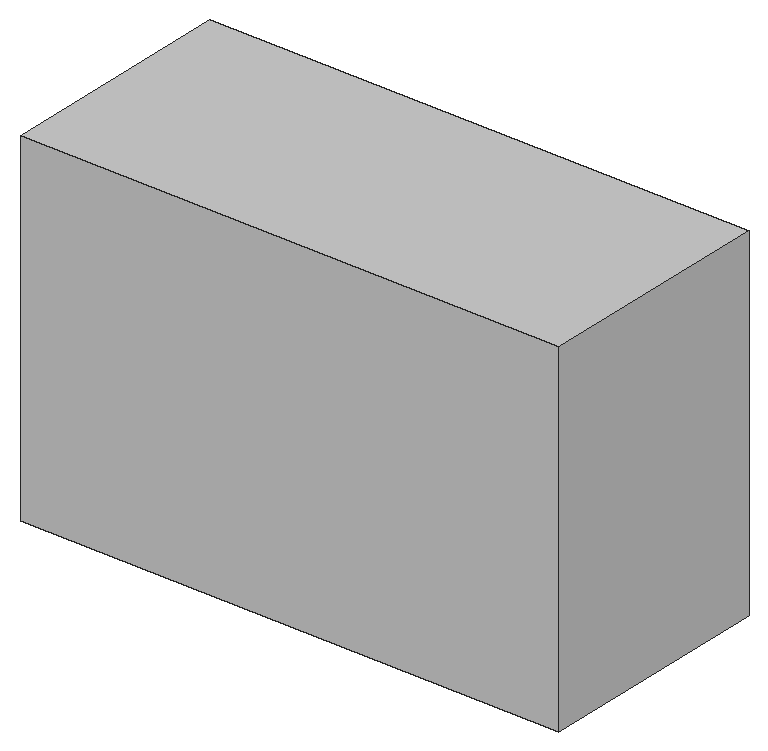
Revit family "Family Meada", category Structural Framing, Revit 2022
Family settings
  Display in Hidden Views = Edges Hidden by Other Members
  Section Shape = Not Defined
  Material for Model Behavior = Concrete
  Always export as geometry = No
  OmniClass Number = 23.25.30.11.14.14
  OmniClass Title = Beams
  Always vertical = Yes
  Cut with Voids When Loaded = No
  Symbolic Representation = From Family
  Shared = No
  Show family pre-cut in plan views = Yes
Parameters (values of type "FG15V")
  下端ふかし [instance] = 50 mm
  上端ふかし [instance] = 50 mm
  Length [instance] = 1500 mm
  Structural Material = コンクリート-CONCR Fc36
  梁成合計 [instance] = 1000 mm
  梁成 = 1500 mm
  梁幅合計 [instance] = 梁幅 + 左ふかし + 右ふかし  # 1100 mm
  梁幅 = 1000 mm
  左ふかし [instance] = 50 mm
  右ふかし [instance] = 50 mm
  会社名 = "前田建設工業(株)"  # constant formula
  中央 梁幅 = 梁幅  # 1000 mm
  中央 梁せい = 梁成  # 1500 mm
  バージョン = "2021.01.05"  # constant formula
  コンクリート強度 [instance] = ""
  Type Comments = ""
Types (168, lengths in mm): name | 下端ふかし | 上端ふかし | Structural Material | 梁成 | 梁幅合計 | 梁幅 | 左ふかし | 右ふかし | 中央 梁幅 | 中央 梁せい
  FG15V | 50 | 50 | コンクリート-CONCR Fc36 | 1500 | 1100 | 1000 | 50 | 50 | 1000 | 1500
  FG16 | 0 | 0 | コンクリート-CONCR Fc36 | 1500 | 800 | 800 | 0 | 0 | 800 | 1500
  FG12A | 0 | 0 | コンクリート-CONCR Fc36 | 1100 | 1500 | 1500 | 0 | 0 | 1500 | 1100
  FG14 | 0 | 0 | コンクリート-CONCR Fc36 | 1300 | 1600 | 1600 | 0 | 0 | 1600 | 1300
  FG12V | 0 | 0 | コンクリート-CONCR Fc36 | 1500 | 1400 | 1400 | 0 | 0 | 1400 | 1500
  FG11V | 0 | 0 | コンクリート-CONCR Fc36 | 1500 | 1050 | 1050 | 0 | 0 | 1050 | 1500
  FG11 | 0 | 0 | コンクリート-CONCR Fc27 | 1600 | 400 | 400 | 0 | 0 | 400 | 1600
  FG12 | 0 | 0 | コンクリート-CONCR Fc27 | 1600 | 700 | 700 | 0 | 0 | 700 | 1600
  FG13 | 0 | 0 | コンクリート-CONCR Fc27 | 1600 | 700 | 700 | 0 | 0 | 700 | 1600
  FG17 | 0 | 0 | コンクリート-CONCR Fc36 | 1500 | 900 | 900 | 0 | 0 | 900 | 1500
  FG16A | 0 | 0 | コンクリート-CONCR Fc36 | 1500 | 800 | 800 | 0 | 0 | 800 | 1500
  FG15 | 0 | 0 | コンクリート-CONCR Fc36 | 1500 | 700 | 700 | 0 | 0 | 700 | 1500
  FG16V | 0 | 0 | コンクリート-CONCR Fc36 | 1500 | 1100 | 1100 | 0 | 0 | 1100 | 1500
  FG18 | 0 | 0 | コンクリート-CONCR Fc36 | 1300 | 900 | 900 | 0 | 0 | 900 | 1300
  FG1C | 0 | 0 | コンクリート-CONCR Fc36 | 1100 | 800 | 800 | 0 | 0 | 800 | 1100
  FG1D | 0 | 0 | コンクリート-CONCR Fc36 | 1100 | 900 | 900 | 0 | 0 | 900 | 1100
  FG1V | 0 | 0 | コンクリート-CONCR Fc36 | 1500 | 900 | 900 | 0 | 0 | 900 | 1500
  FG1B | 0 | 0 | コンクリート-CONCR Fc36 | 1100 | 800 | 800 | 0 | 0 | 800 | 1100
  FG1 | 0 | 0 | コンクリート-CONCR Fc36 | 1100 | 700 | 700 | 0 | 0 | 700 | 1100
  FG1A | 0 | 0 | コンクリート-CONCR Fc36 | 1100 | 800 | 800 | 0 | 0 | 800 | 1100
  FG2B | 0 | 0 | コンクリート-CONCR Fc36 | 1100 | 800 | 800 | 0 | 0 | 800 | 1100
  FG2 | 0 | 0 | コンクリート-CONCR Fc36 | 1100 | 900 | 900 | 0 | 0 | 900 | 1100
  FG2A | 0 | 0 | コンクリート-CONCR Fc36 | 1100 | 800 | 800 | 0 | 0 | 800 | 1100
  FG3C | 0 | 0 | コンクリート-CONCR Fc36 | 1100 | 800 | 800 | 0 | 0 | 800 | 1100
  FG3 | 0 | 0 | コンクリート-CONCR Fc36 | 1100 | 700 | 700 | 0 | 0 | 700 | 1100
  FG3A | 0 | 0 | コンクリート-CONCR Fc36 | 1100 | 800 | 800 | 0 | 0 | 800 | 1100
  1FG3A | 0 | 0 | コンクリート-CONCR Fc24 | 600 | 500 | 500 | 0 | 0 | 500 | 600
  G8 | 0 | 0 | コンクリート-CONCR Fc27 | 800 | 600 | 600 | 0 | 0 | 600 | 800
  FB1_K | 0 | 0 | コンクリート-CONCR Fc24 | 1250 | 965 | 965 | 0 | 0 | 965 | 1250
  FG3_K | 0 | 0 | コンクリート-CONCR Fc24 | 1600 | 800 | 800 | 0 | 0 | 800 | 1600
  FG13_K | 0 | 0 | コンクリート-CONCR Fc24 | 1600 | 700 | 700 | 0 | 0 | 700 | 1600
  FG12_K | 0 | 0 | コンクリート-CONCR Fc24 | 1600 | 800 | 800 | 0 | 0 | 800 | 1600
  FG11_K | 0 | 0 | コンクリート-CONCR Fc24 | 1600 | 700 | 700 | 0 | 0 | 700 | 1600
  FG2_K | 0 | 0 | コンクリート-CONCR Fc24 | 1600 | 800 | 800 | 0 | 0 | 800 | 1600
  FG1_K | 0 | 0 | コンクリート-CONCR Fc24 | 1600 | 800 | 800 | 0 | 0 | 800 | 1600
  TB1 | 0 | 0 | コンクリート-CONCR Fc27 | 1100 | 700 | 700 | 0 | 0 | 700 | 1100
  TG6 | 0 | 0 | コンクリート-CONCR Fc27 | 1100 | 1400 | 1400 | 0 | 0 | 1400 | 1100
  TG5 | 0 | 0 | コンクリート-CONCR Fc27 | 1100 | 1300 | 1300 | 0 | 0 | 1300 | 1100
  TG4 | 0 | 0 | コンクリート-CONCR Fc27 | 1100 | 1100 | 1100 | 0 | 0 | 1100 | 1100
  TG3 | 0 | 0 | コンクリート-CONCR Fc27 | 1100 | 1000 | 1000 | 0 | 0 | 1000 | 1100
  TG2 | 0 | 0 | コンクリート-CONCR Fc27 | 1100 | 455 | 455 | 0 | 0 | 455 | 1100
  TG1 | 0 | 0 | コンクリート-CONCR Fc27 | 1100 | 605 | 605 | 0 | 0 | 605 | 1100
  FG21_rw | 0 | 0 | コンクリート-CONCR Fc24 | 1000 | 600 | 600 | 0 | 0 | 600 | 1000
  FB11_rw | 0 | 0 | コンクリート-CONCR Fc24 | 1000 | 400 | 400 | 0 | 0 | 400 | 1000
  FG22_rw | 0 | 0 | コンクリート-CONCR Fc24 | 1000 | 500 | 500 | 0 | 0 | 500 | 1000
  FB12 | 0 | 0 | コンクリート-CONCR Fc24 | 1000 | 400 | 400 | 0 | 0 | 400 | 1000
  G49 | 0 | 0 | コンクリート-CONCR Fc27 | 500 | 800 | 800 | 0 | 0 | 800 | 500
  G21B | 0 | 0 | コンクリート-CONCR Fc27 | 800 | 1000 | 1000 | 0 | 0 | 1000 | 800
  G40 | 0 | 0 | コンクリート-CONCR Fc27 | 1000 | 750 | 750 | 0 | 0 | 750 | 1000
  G36 | 0 | 0 | コンクリート-CONCR Fc27 | 1000 | 800 | 800 | 0 | 0 | 800 | 1000
  G38 | 0 | 0 | コンクリート-CONCR Fc27 | 1200 | 800 | 800 | 0 | 0 | 800 | 1200
  G31 | 0 | 0 | コンクリート-CONCR Fc27 | 800 | 800 | 800 | 0 | 0 | 800 | 800
  G32 | 0 | 0 | コンクリート-CONCR Fc27 | 800 | 600 | 600 | 0 | 0 | 600 | 800
  G41A | 0 | 0 | コンクリート-CONCR Fc27 | 750 | 500 | 500 | 0 | 0 | 500 | 750
  G37 | 0 | 0 | コンクリート-CONCR Fc27 | 1000 | 800 | 800 | 0 | 0 | 800 | 1000
  B3A | 0 | 0 | コンクリート-CONCR Fc27 | 900 | 400 | 400 | 0 | 0 | 400 | 900
  G33 | 0 | 0 | コンクリート-CONCR Fc27 | 1000 | 800 | 800 | 0 | 0 | 800 | 1000
  G34 | 0 | 0 | コンクリート-CONCR Fc27 | 1000 | 600 | 600 | 0 | 0 | 600 | 1000
  G33A | 0 | 0 | コンクリート-CONCR Fc27 | 950 | 800 | 800 | 0 | 0 | 800 | 950
  B5A | 0 | 0 | コンクリート-CONCR Fc27 | 800 | 500 | 500 | 0 | 0 | 500 | 800
  B9A | 0 | 0 | コンクリート-CONCR Fc27 | 700 | 400 | 400 | 0 | 0 | 400 | 700
  G3F | 0 | 0 | コンクリート-CONCR Fc27 | 1000 | 700 | 700 | 0 | 0 | 700 | 1000
  G31A | 0 | 0 | コンクリート-CONCR Fc27 | 750 | 800 | 800 | 0 | 0 | 800 | 750
  G28 | 0 | 0 | コンクリート-CONCR Fc27 | 750 | 800 | 800 | 0 | 0 | 800 | 750
  G21A | 0 | 0 | コンクリート-CONCR Fc27 | 800 | 800 | 800 | 0 | 0 | 800 | 800
  G44 | 0 | 0 | コンクリート-CONCR Fc27 | 1150 | 700 | 700 | 0 | 0 | 700 | 1150
  G1D | 0 | 0 | コンクリート-CONCR Fc27 | 800 | 500 | 500 | 0 | 0 | 500 | 800
  G35 | 0 | 0 | コンクリート-CONCR Fc27 | 1000 | 700 | 700 | 0 | 0 | 700 | 1000
  B2B | 0 | 0 | コンクリート-CONCR Fc27 | 650 | 400 | 400 | 0 | 0 | 400 | 650
  B6A | 0 | 0 | コンクリート-CONCR Fc27 | 800 | 500 | 500 | 0 | 0 | 500 | 800
  G10 | 0 | 0 | コンクリート-CONCR Fc27 | 1250 | 500 | 500 | 0 | 0 | 500 | 1250
  WG70B | 0 | 0 | コンクリート-CONCR Fc27 | 800 | 700 | 700 | 0 | 0 | 700 | 800
  B17 | 0 | 0 | コンクリート-CONCR Fc27 | 750 | 400 | 400 | 0 | 0 | 400 | 750
  B18 | 0 | 0 | コンクリート-CONCR Fc27 | 550 | 300 | 300 | 0 | 0 | 300 | 550
  G43D | 0 | 0 | コンクリート-CONCR Fc27 | 950 | 700 | 700 | 0 | 0 | 700 | 950
  G42 | 0 | 0 | コンクリート-CONCR Fc27 | 950 | 500 | 500 | 0 | 0 | 500 | 950
  B2A | 0 | 0 | コンクリート-CONCR Fc27 | 700 | 400 | 400 | 0 | 0 | 400 | 700
  G41 | 0 | 0 | コンクリート-CONCR Fc27 | 750 | 500 | 500 | 0 | 0 | 500 | 750
  G43 | 0 | 0 | コンクリート-CONCR Fc27 | 950 | 700 | 700 | 0 | 0 | 700 | 950
  CG3 | 0 | 0 | コンクリート-CONCR Fc27 | 800 | 600 | 600 | 0 | 0 | 600 | 800
  FG4_rw | 0 | 0 | コンクリート-CONCR Fc24 | 1000 | 600 | 600 | 0 | 0 | 600 | 1000
  FG2B_rw | 0 | 0 | コンクリート-CONCR Fc24 | 1000 | 550 | 550 | 0 | 0 | 550 | 1000
  FG1A_rw | 0 | 0 | コンクリート-CONCR Fc24 | 1000 | 550 | 550 | 0 | 0 | 550 | 1000
  FB7 | 0 | 0 | コンクリート-CONCR Fc27 | 700 | 500 | 500 | 0 | 0 | 500 | 700
  FG4 | 0 | 0 | コンクリート-CONCR Fc27 | 1450 | 600 | 600 | 0 | 0 | 600 | 1450
  FCG1_rw | 0 | 0 | コンクリート-CONCR Fc24 | 1000 | 700 | 700 | 0 | 0 | 700 | 1000
  FB1_rw | 0 | 0 | コンクリート-CONCR Fc24 | 1500 | 400 | 400 | 0 | 0 | 400 | 1500
  FG12_rw | 0 | 0 | コンクリート-CONCR Fc24 | 1500 | 500 | 500 | 0 | 0 | 500 | 1500
  FG11_rw | 0 | 0 | コンクリート-CONCR Fc24 | 1500 | 500 | 500 | 0 | 0 | 500 | 1500
  FG3_rw | 0 | 0 | コンクリート-CONCR Fc24 | 1000 | 500 | 500 | 0 | 0 | 500 | 1000
  FG2A_rw | 0 | 0 | コンクリート-CONCR Fc24 | 1000 | 450 | 450 | 0 | 0 | 450 | 1000
  FG2_rw | 0 | 0 | コンクリート-CONCR Fc24 | 1000 | 450 | 450 | 0 | 0 | 450 | 1000
  FG1_rw | 0 | 0 | コンクリート-CONCR Fc27 | 1000 | 450 | 450 | 0 | 0 | 450 | 1000
  CG1 | 0 | 0 | コンクリート-CONCR Fc27 | 800 | 500 | 500 | 0 | 0 | 500 | 800
  CG2 | 0 | 0 | コンクリート-CONCR Fc27 | 800 | 800 | 800 | 0 | 0 | 800 | 800
  WG70A | 0 | 0 | コンクリート-CONCR Fc27 | 1100 | 700 | 700 | 0 | 0 | 700 | 1100
  G25 | 0 | 0 | コンクリート-CONCR Fc27 | 800 | 700 | 700 | 0 | 0 | 700 | 800
  G23A | 0 | 0 | コンクリート-CONCR Fc27 | 1000 | 800 | 800 | 0 | 0 | 800 | 1000
  G26 | 0 | 0 | コンクリート-CONCR Fc27 | 800 | 800 | 800 | 0 | 0 | 800 | 800
  G1B | 0 | 0 | コンクリート-CONCR Fc27 | 800 | 500 | 500 | 0 | 0 | 500 | 800
  B4 | 0 | 0 | コンクリート-CONCR Fc27 | 800 | 400 | 400 | 0 | 0 | 400 | 800
  G5A | 0 | 0 | コンクリート-CONCR Fc27 | 1200 | 700 | 700 | 0 | 0 | 700 | 1200
  G3E | 0 | 0 | コンクリート-CONCR Fc27 | 1000 | 700 | 700 | 0 | 0 | 700 | 1000
  B13 | 0 | 0 | コンクリート-CONCR Fc27 | 800 | 500 | 500 | 0 | 0 | 500 | 800
  G27A | 0 | 0 | コンクリート-CONCR Fc27 | 1000 | 800 | 800 | 0 | 0 | 800 | 1000
  WG60A | 0 | 0 | コンクリート-CONCR Fc27 | 1100 | 600 | 600 | 0 | 0 | 600 | 1100
  G2B | 0 | 0 | コンクリート-CONCR Fc27 | 1000 | 500 | 500 | 0 | 0 | 500 | 1000
  G11 | 0 | 0 | コンクリート-CONCR Fc27 | 600 | 500 | 500 | 0 | 0 | 500 | 600
  B15 | 0 | 0 | コンクリート-CONCR Fc27 | 500 | 500 | 500 | 0 | 0 | 500 | 500
  WG70 | 0 | 0 | コンクリート-CONCR Fc27 | 800 | 700 | 700 | 0 | 0 | 700 | 800
  WG50 | 0 | 0 | コンクリート-CONCR Fc27 | 800 | 500 | 500 | 0 | 0 | 500 | 800
  G4 | 0 | 0 | コンクリート-CONCR Fc27 | 1200 | 700 | 700 | 0 | 0 | 700 | 1200
  B8 | 0 | 0 | コンクリート-CONCR Fc27 | 1200 | 600 | 600 | 0 | 0 | 600 | 1200
  B6 | 0 | 0 | コンクリート-CONCR Fc27 | 1000 | 500 | 500 | 0 | 0 | 500 | 1000
  G4A | 0 | 0 | コンクリート-CONCR Fc27 | 1200 | 700 | 700 | 0 | 0 | 700 | 1200
  G23 | 0 | 0 | コンクリート-CONCR Fc27 | 1000 | 500 | 500 | 0 | 0 | 500 | 1000
  G24 | 0 | 0 | コンクリート-CONCR Fc27 | 1200 | 600 | 600 | 0 | 0 | 600 | 1200
  G39 | 0 | 0 | コンクリート-CONCR Fc27 | 800 | 800 | 800 | 0 | 0 | 800 | 800
  G22 | 0 | 0 | コンクリート-CONCR Fc27 | 850 | 1000 | 1000 | 0 | 0 | 1000 | 850
  WG50A | 0 | 0 | コンクリート-CONCR Fc27 | 800 | 1410 | 1410 | 0 | 0 | 1410 | 800
  G3C | 0 | 0 | コンクリート-CONCR Fc27 | 1000 | 700 | 700 | 0 | 0 | 700 | 1000
  G2C | 0 | 0 | コンクリート-CONCR Fc27 | 1000 | 500 | 500 | 0 | 0 | 500 | 1000
  G3B | 0 | 0 | コンクリート-CONCR Fc27 | 1000 | 700 | 700 | 0 | 0 | 700 | 1000
  G3A | 0 | 0 | コンクリート-CONCR Fc27 | 1000 | 700 | 700 | 0 | 0 | 700 | 1000
  B7 | 0 | 0 | コンクリート-CONCR Fc27 | 1000 | 600 | 600 | 0 | 0 | 600 | 1000
  G4D | 0 | 0 | コンクリート-CONCR Fc27 | 1200 | 700 | 700 | 0 | 0 | 700 | 1200
  G1C | 0 | 0 | コンクリート-CONCR Fc27 | 800 | 500 | 500 | 0 | 0 | 500 | 800
  WG60 | 0 | 0 | コンクリート-CONCR Fc27 | 800 | 600 | 600 | 0 | 0 | 600 | 800
  G2 | 0 | 0 | コンクリート-CONCR Fc27 | 1000 | 500 | 500 | 0 | 0 | 500 | 1000
  G7 | 0 | 0 | コンクリート-CONCR Fc27 | 700 | 800 | 800 | 0 | 0 | 800 | 700
  G9 | 0 | 0 | コンクリート-CONCR Fc27 | 500 | 300 | 300 | 0 | 0 | 300 | 500
  B5 | 0 | 0 | コンクリート-CONCR Fc27 | 1000 | 500 | 500 | 0 | 0 | 500 | 1000
  G2A | 0 | 0 | コンクリート-CONCR Fc27 | 1000 | 500 | 500 | 0 | 0 | 500 | 1000
  G1A | 0 | 0 | コンクリート-CONCR Fc27 | 800 | 500 | 500 | 0 | 0 | 500 | 800
  B10 | 0 | 0 | コンクリート-CONCR Fc27 | 800 | 400 | 400 | 0 | 0 | 400 | 800
  B9 | 0 | 0 | コンクリート-CONCR Fc27 | 800 | 400 | 400 | 0 | 0 | 400 | 800
  G3D | 0 | 0 | コンクリート-CONCR Fc27 | 1000 | 700 | 700 | 0 | 0 | 700 | 1000
  B12 | 0 | 0 | コンクリート-CONCR Fc27 | 800 | 400 | 400 | 0 | 0 | 400 | 800
  B11 | 0 | 0 | コンクリート-CONCR Fc27 | 800 | 400 | 400 | 0 | 0 | 400 | 800
  B2 | 0 | 0 | コンクリート-CONCR Fc27 | 800 | 400 | 400 | 0 | 0 | 400 | 800
  B3 | 0 | 0 | コンクリート-CONCR Fc27 | 800 | 400 | 400 | 0 | 0 | 400 | 800
  G3 | 0 | 0 | コンクリート-CONCR Fc27 | 1000 | 700 | 700 | 0 | 0 | 700 | 1000
  G21 | 0 | 0 | コンクリート-CONCR Fc27 | 800 | 500 | 500 | 0 | 0 | 500 | 800
  G1 | 0 | 0 | コンクリート-CONCR Fc27 | 800 | 500 | 500 | 0 | 0 | 500 | 800
  FB8 | 0 | 0 | コンクリート-CONCR Fc27 | 1600 | 700 | 700 | 0 | 0 | 700 | 1600
  FB5 | 0 | 0 | コンクリート-CONCR Fc27 | 1600 | 600 | 600 | 0 | 0 | 600 | 1600
  FG9 | 0 | 0 | コンクリート-CONCR Fc27 | 1600 | 700 | 700 | 0 | 0 | 700 | 1600
  FG8 | 0 | 0 | コンクリート-CONCR Fc27 | 1600 | 700 | 700 | 0 | 0 | 700 | 1600
  FB4 | 0 | 0 | コンクリート-CONCR Fc27 | 1600 | 400 | 400 | 0 | 0 | 400 | 1600
  FB6 | 0 | 0 | コンクリート-CONCR Fc27 | 1600 | 500 | 500 | 0 | 0 | 500 | 1600
  FG10 | 0 | 0 | コンクリート-CONCR Fc27 | 1600 | 400 | 400 | 0 | 0 | 400 | 1600
  FB9 | 0 | 0 | コンクリート-CONCR Fc27 | 1600 | 600 | 600 | 0 | 0 | 600 | 1600
  FG7 | 0 | 0 | コンクリート-CONCR Fc27 | 1600 | 700 | 700 | 0 | 0 | 700 | 1600
  B14 | 0 | 0 | コンクリート-CONCR Fc27 | 600 | 400 | 400 | 0 | 0 | 400 | 600
  FG6 | 0 | 0 | コンクリート-CONCR Fc27 | 1600 | 600 | 600 | 0 | 0 | 600 | 1600
  FG5 | 0 | 0 | コンクリート-CONCR Fc27 | 1600 | 600 | 600 | 0 | 0 | 600 | 1600
  B1 | 0 | 0 | コンクリート-CONCR Fc27 | 600 | 300 | 300 | 0 | 0 | 300 | 600
  FB10 | 0 | 0 | コンクリート-CONCR Fc27 | 1600 | 600 | 600 | 0 | 0 | 600 | 1600
  FB1 | 0 | 0 | コンクリート-CONCR Fc27 | 800 | 400 | 400 | 0 | 0 | 400 | 800
  FB2 | 0 | 0 | コンクリート-CONCR Fc27 | 1000 | 400 | 400 | 0 | 0 | 400 | 1000
  FB3 | 0 | 0 | コンクリート-CONCR Fc27 | 1200 | 450 | 450 | 0 | 0 | 450 | 1200
  FG1XA | 0 | 0 | コンクリート-CONCR Fc27 | 1400 | 500 | 500 | 0 | 0 | 500 | 1400
  FG3Y | 0 | 0 | コンクリート-CONCR Fc27 | 1400 | 500 | 500 | 0 | 0 | 500 | 1400
  FG2X | 0 | 0 | コンクリート-CONCR Fc27 | 1400 | 500 | 500 | 0 | 0 | 500 | 1400
  FG2Y | 0 | 0 | コンクリート-CONCR Fc27 | 1400 | 500 | 500 | 0 | 0 | 500 | 1400
  FG1Y | 0 | 0 | コンクリート-CONCR Fc27 | 1400 | 500 | 500 | 0 | 0 | 500 | 1400
  FG3X | 0 | 0 | コンクリート-CONCR Fc27 | 1400 | 500 | 500 | 0 | 0 | 500 | 1400
  FG1X | 0 | 0 | コンクリート-CONCR Fc27 | 1400 | 500 | 500 | 0 | 0 | 500 | 1400
Reference planes
  plane 1 "中心(正面/背面)": y = 0
  plane 2 "中心立面図": z = 0
  plane 3 "中心(左/右)": x = 0
  plane 4 "左": x = -750
  plane 5 "部材左": x = -1250
  plane 6 "スティック記号左": x = -1000
  plane 7 "右": x = 750
  plane 8 "部材右": x = 1250
  plane 9 "スティック記号右": x = 1000
  plane 10: y = 550
  plane 11: y = -550
  plane 12 "右側": y = -550
  plane 13 "3": y = 500
  plane 14 "4": y = -500
  plane 15 "下側": z = -1550
  plane 16 "6": z = -1500
  plane 17 "左側": y = 550
  plane 18: z = -650
  plane 19 "8": z = 50
Forms (mm)
  Extrusion 1, solid, material "コンクリート-CONCR Fc36" <- "Structural Material"
    sketch origin (0, 0, -50) x (0, 1, 0) y (0, 0, 1)
      loop
        line (550, 100) -> (-550, 100) -> (-550, -1500) -> (550, -1500) -> (550, 100)
    from -1250 to 1250
Lines and regions (mm)
  model lines, detail levels coarse
    curve 1: line (-1000, 0, 0) -> (1000, 0, 0)
  symbolic lines, style "*躯体構造体 JIS02_0.7"
    curve 2: line (-1250, -500, 0) -> (1250, -500, 0)
    curve 3: line (-750, -500, -1500) -> (-750, 500, -1500)
    curve 4: line (-1250, 500, 0) -> (1250, 500, 0)
    curve 5: line (-750, 500, -1500) -> (-750, 500, 0)
    curve 6: line (-750, -500, -1500) -> (-750, -500, 0)
    curve 7: line (-750, 500, 0) -> (-750, -500, 0)
    curve 8: line (-750, -500, 0) -> (-750, 500, -1500)
    curve 9: line (-750, -500, -1500) -> (-750, 500, 0)
Dimensions and locks
  equal spacing: plane 4 "左", plane 3 "中心(左/右)", plane 7 "右"
  "Length": plane 4 "左" to plane 7 "右"
  "右ふかし": plane 14 "4" to plane 12 "右側"
  "梁幅": plane 13 "3" to plane 14 "4"
  equal spacing: plane 13 "3", plane 1 "中心(正面/背面)", plane 14 "4"
  "左ふかし": plane 13 "3" to plane 17 "左側"
  "下端ふかし": plane 15 "下側" to plane 16 "6"
  "上端ふかし": plane 19 "8" to plane 2 "中心立面図"
  "梁成": plane 16 "6" to plane 2 "中心立面図"
  aligned and locked: plane 5 "部材左" to Extrusion 1
  aligned and locked: Extrusion 1 to plane 8 "部材右"
  aligned and locked: plane 1 "中心(正面/背面)" to curve 1
  aligned and locked: plane 6 "スティック記号左" to curve 1
  aligned and locked: plane 9 "スティック記号右" to curve 1
  aligned and locked: level to plane 2 "中心立面図"
  aligned and locked: Extrusion 1 sketch curve to plane 11
  aligned and locked: plane 12 "右側" to plane 11
  aligned and locked: Extrusion 1 sketch curve to plane 12 "右側"
  aligned and locked: plane 17 "左側" to Extrusion 1 sketch curve
  aligned and locked: plane 10 to plane 17 "左側"
  aligned and locked: curve 4 to plane 13 "3"
  aligned and locked: curve 2 to plane 14 "4"
  aligned and locked: curve 3 to plane 16 "6"
  aligned and locked: Extrusion 1 sketch curve to plane 15 "下側"
  aligned and locked: curve 5 to plane 13 "3"
  aligned and locked: curve 6 to plane 14 "4"
  aligned and locked: curve 7 to plane 2 "中心立面図"
  aligned and locked: Extrusion 1 to plane 19 "8"
Automatic sketch dimensions
  curve 4 to plane 5 "部材左" = 0 mm
  curve 2 to plane 5 "部材左" = 0 mm
  curve 4 to plane 8 "部材右" = 0 mm
  curve 2 to plane 8 "部材右" = 0 mm
  Extrusion 1 sketch curve to plane 10 = 0 mm
  level to Extrusion 1 sketch curve = 50 mm
